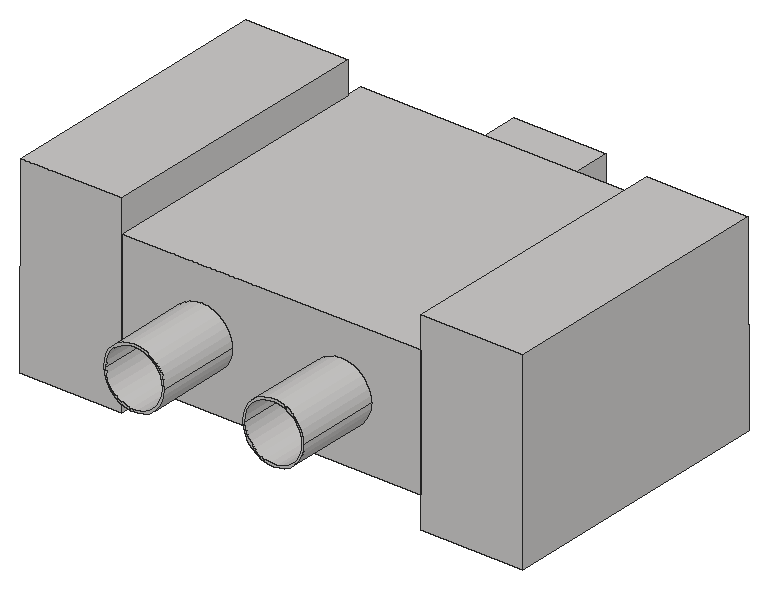
Revit family
Parameters
  Width = 1' - 7"
  Unit Weight = "68.0 lbs"
  URL = "http://www.titus-hvac.com/"
  UL = "181"
  SteriLoc Liner = Liner Option = 3  # no
  Outlet Width = 0' - 5 7/8"
  Outlet Height = 0' - 5 7/8"
  Nominal Width = Width + 1' 1"  # 2' - 8"
  Nominal Length = Length + Inlet Length + 0' 4"  # 2' - 4 3/8"
  Nominal Inlet Size = 0' - 4"
  Nominal Height = if(Height > 1' 0 1/4", Height, 1' 0 1/4")  # 1' - 0 1/4"
  NFPA = "90A"
  Model = "DEDV"
  Min. Air Flow = 0 CFM
  Max. Air Flow = 225 CFM
  Material = Steel
  Manufacturer = "Titus"
  Liner Option = 0
  Length = 1' - 7"
  Inlet Void Radius = Inlet Radius - 0' 0 1/8"  # 0' - 1 13/16"
  Inlet Radius = Inlet Diameter / 2  # 0' - 1 15/16"
  Inlet Offset = 0' - 8 7/8"
  Inlet Length = 0' - 5 3/8"
  Inlet Diameter = Nominal Inlet Size - 0' 0 1/8"  # 0' - 3 7/8"
  Height = 0' - 8 1/4"
  Heat Air Pressure Drop [instance] = 0.00 in-wg
  Heat Air Flow [instance] = 0 CFM
  Fiber Free Liner = Liner Option = 2  # no
  Duct Radius = Nominal Inlet Size / 2  # 0' - 2"
  Design Air Flow [instance] = 0 CFM
  Description = "Dual Duct Terminal Unit, Direct Digital Control, Pressure Independent, with Integral Mixer/Attenuator"
  Cool Air Pressure Drop [instance] = 0.00 in-wg
  Cool Air Flow [instance] = 0 CFM
  CADworks URL = "www.CADworks.net"
  Assembly Code = "D3040100"
  1/2" Fiberglass Liner = Liner Option = 0  # yes
  1" Fiberglass Liner = Liner Option = 1  # no
Reference planes (in)
  plane 1 "Center (Front/Back)": y = 0
  plane 2: z = 0
  plane 3 "Center (Left/Right)": x = 0
  plane 4: x = 9.5
  plane 5: x = -9.5
  plane 6: y = 9.5
  plane 7: y = -9.5
  plane 8: z = 4.125
  plane 9: z = -4.125
  plane 10: x = -4.4375
  plane 11: x = 4.4375
  plane 12: y = -14.875
  plane 13: y = 13.5
  plane 14: x = -16
  plane 15: x = 16
  plane 16: z = 6.125
  plane 17: z = -6.125
Forms (in)
  Extrusion 1, solid, material "Steel" <- "Material"
    sketch origin (0, 70.5, 0) x (1, 0, 0) y (0, 0, 1)
      loop
        line (-9.5, 4.125) -> (-9.5, -4.125) -> (9.5, -4.125) -> (9.5, 4.125) -> (-9.5, 4.125)
    from 61 to 80
  Extrusion 2, solid, material "Steel" <- "Material"
    sketch origin (0, 6.5, 0) x (1, 0, 0) y (0, 0, 1)
      loop
        line (9.5, 6.125) -> (9.5, -6.125) -> (16, -6.125) -> (16, 6.125) -> (9.5, 6.125)
    from -2 to 16
  Extrusion 3, solid, material "Steel" <- "Material"
    sketch origin (0, 8.5, 0) x (-1, 0, 0) y (0, 0, -1)
      loop
        line (9.5, -6.125) -> (16, -6.125) -> (16, 6.125) -> (9.5, 6.125) -> (9.5, -6.125)
    from 0 to 18
  Extrusion 4, solid, material "Steel" <- "Material"
    sketch origin (0, -19, 0) x (1, 0, 0) y (0, 0, 1)
      loop
        circle (-4.4375, 0) r 1.9375
    from -9.5 to -4.125
  Extrusion 5, solid, material "Steel" <- "Material"
    sketch origin (-4.5, -6, 0) x (-1, 0, 0) y (0, 0, -1)
      loop
        circle (-8.9375, 0) r 1.9375
    from 3.5 to 8.875
  Extrusion 6, void
    sketch origin (0, -10.375, 0) x (1, 0, 0) y (0, 0, 1)
      loop
        circle (-4.4375, 0) r 1.8125
    from -0.875 to 4.5
  Extrusion 7, void
    sketch origin (0, 0, 0) x (1, 0, 0) y (0, 0, 1)
      loop
        circle (4.4375, 0) r 1.8125
    from 9.5 to 14.875
  Extrusion 8, solid, material "Steel" <- "Material"
    sketch origin (0, 23, 0) x (1, 0, 0) y (0, 0, 1)
      loop
        line (-2.9375, 2.9375) -> (-2.9375, -2.9375) -> (2.9375, -2.9375) -> (2.9375, 2.9375) -> (-2.9375, 2.9375)
    from 9.5 to 13.5
  Extrusion 9, void
    sketch origin (0, 34.5, 0) x (1, 0, 0) y (0, 0, 1)
      loop
        line (-2.8125, 2.8125) -> (-2.8125, -2.8125) -> (2.8125, -2.8125) -> (2.8125, 2.8125) -> (-2.8125, 2.8125)
    from 21 to 25
Cuts and joins
  Extrusion 6, Extrusion 7, Extrusion 9 cuts Extrusion 1
  Extrusion 6 cuts Extrusion 4
  Extrusion 7 cuts Extrusion 5
  Extrusion 9 cuts Extrusion 8
Dimensions and locks (in)
  "Length": plane 7 to plane 6
  equal spacing: plane 7, plane 1 "Center (Front/Back)", plane 6
  "Width": plane 5 to plane 4
  equal spacing: plane 5, plane 3 "Center (Left/Right)", plane 4
  "Height": plane 9 to plane 8
  equal spacing: plane 9, level, plane 8
  locked: Extrusion 2 to plane 7 at 18
  locked: Extrusion 2 to Extrusion 2 at 12.25
  equal spacing: Extrusion 2, plane 2, Extrusion 2
  locked: Extrusion 2 to plane 4 at 6.5
  locked: Extrusion 3 to Extrusion 3 at 12.25
  equal spacing: Extrusion 3, plane 2, Extrusion 3
  locked: Extrusion 3 to plane 5 at 6.5
  locked: Extrusion 3 to plane 7 at 18
  "Inlet Offset": plane 10 to plane 11
  equal spacing: plane 10, plane 3 "Center (Left/Right)", plane 11
  "Inlet Length": plane 7 to plane 12
  "Inlet Length": plane 7 to Extrusion 4
  "Inlet Length": Extrusion 5 to plane 7
  locked: plane 6 to plane 13 at 4
  "Outlet Width": Extrusion 8 sketch curve to Extrusion 8 sketch curve
  equal spacing: Extrusion 8 sketch curve, plane 3 "Center (Left/Right)", Extrusion 8 sketch curve
  locked: cut or joined group of Extrusion 8, Extrusion 9 to Extrusion 9 sketch curve at 0.125  (x3)
  locked: Extrusion 9 sketch curve to cut or joined group of Extrusion 8, Extrusion 9 at 0.125
  "Outlet Height": Extrusion 8 sketch curve to Extrusion 8 sketch curve
  equal spacing: Extrusion 8 sketch curve, plane 2, Extrusion 8 sketch curve
  "Nominal Width": plane 14 to plane 15
  plane 13 to plane 12 = 2' - 4 3/8"
  locked: plane 14 to plane 5 at 6.5
  plane 9 to cut or joined group of Extrusion 8, Extrusion 9 = 0' - 1 3/16"  (x3)
  plane 8 to cut or joined group of Extrusion 8, Extrusion 9 = 0' - 1 3/16"  (x2)
  "Inlet Radius": plane 11 to cut or joined group of Extrusion 5, Extrusion 7
  "Inlet Radius": cut or joined group of Extrusion 4, Extrusion 6 to plane 10
  "Inlet Radius": radius of Extrusion 4 sketch curve
  "Inlet Radius": radius of Extrusion 5 sketch curve
  "Inlet Void Radius": radius of Extrusion 6 sketch curve
  "Inlet Void Radius": radius of Extrusion 7 sketch curve
  aligned and locked: plane 6 to Extrusion 1
  aligned and locked: plane 4 to Extrusion 1
  aligned and locked: plane 5 to Extrusion 1
  aligned and locked: plane 7 to Extrusion 1
  aligned and locked: plane 8 to Extrusion 1
  aligned and locked: plane 7 to Extrusion 2
  aligned and locked: plane 7 to Extrusion 3
  aligned and locked: plane 12 to Extrusion 4
  aligned and locked: plane 7 to Extrusion 4
  aligned and locked: plane 7 to Extrusion 5
  aligned and locked: plane 6 to Extrusion 8
  aligned and locked: plane 13 to Extrusion 8
  aligned and locked: plane 12 to cut or joined group of Extrusion 4, Extrusion 6
  aligned and locked: plane 12 to cut or joined group of Extrusion 5, Extrusion 7
  aligned and locked: plane 13 to cut or joined group of Extrusion 8, Extrusion 9
  aligned and locked: plane 14 to Extrusion 3
  aligned and locked: plane 15 to Extrusion 2
  aligned and locked: cut or joined group of Extrusion 5, Extrusion 7 to cut or joined group of Extrusion 1, Extrusion 6, Extrusion 7, Extrusion 9
  aligned and locked: cut or joined group of Extrusion 4, Extrusion 6 to cut or joined group of Extrusion 1, Extrusion 6, Extrusion 7, Extrusion 9
  aligned and locked: cut or joined group of Extrusion 1, Extrusion 6, Extrusion 7, Extrusion 9 to cut or joined group of Extrusion 4, Extrusion 6  (x2)
  aligned and locked: plane 7 to Extrusion 7
  aligned and locked: Extrusion 7 to plane 12
  aligned and locked: plane 7 to Extrusion 6
  aligned and locked: Extrusion 6 to plane 12
  aligned and locked: Extrusion 9 to Extrusion 1
  aligned and locked: Extrusion 9 to plane 13
Automatic sketch dimensions
  Extrusion 1 sketch curve to plane 5 = 0' - 0"
  Extrusion 1 sketch curve to plane 4 = 0' - 0"
  Extrusion 1 sketch curve to plane 9 = 0' - 0"
  Extrusion 1 sketch curve to plane 8 = 0' - 0"
  Extrusion 2 sketch curve to plane 4 = 0' - 0"
  plane 9 to Extrusion 2 sketch curve = 0' - 2"
  Extrusion 2 sketch curve to Extrusion 2 sketch curve = 0' - 6 1/2"
  Extrusion 2 sketch curve to plane 8 = 0' - 2"
  Extrusion 3 sketch curve to plane 5 = 0' - 0"
  plane 9 to Extrusion 3 sketch curve = 0' - 2"
  Extrusion 3 sketch curve to Extrusion 3 sketch curve = 0' - 6 1/2"
  Extrusion 3 sketch curve to plane 8 = 0' - 2"
  Extrusion 4 sketch curve to level = 0' - 0"
  Extrusion 4 sketch curve to plane 10 = 0' - 0"
  Extrusion 5 sketch curve to level = 0' - 0"
  Extrusion 5 sketch curve to plane 11 = 0' - 0"
  Extrusion 6 sketch curve to level = 0' - 0"
  Extrusion 6 sketch curve to plane 10 = 0' - 0"
  Extrusion 7 sketch curve to level = 0' - 0"
  Extrusion 7 sketch curve to plane 11 = 0' - 0"
Connectors (in)
  hvac at (4.4375, -14.875, 0), driven by "Duct Radius", driven by "Cool Air Flow", driven by "Cool Air Pressure Drop"
    settings: on cut or joined group of Extrusion 5, Extrusion 7, index 1
  hvac at (-4.4375, -14.875, 0), driven by "Duct Radius", driven by "Heat Air Pressure Drop", driven by "Heat Air Flow"
    settings: on cut or joined group of Extrusion 4, Extrusion 6, index 2
  hvac at (0, 13.5, 0), driven by "Outlet Height", driven by "Outlet Width", driven by "Design Air Flow"
    settings: on cut or joined group of Extrusion 8, Extrusion 9, index 3
